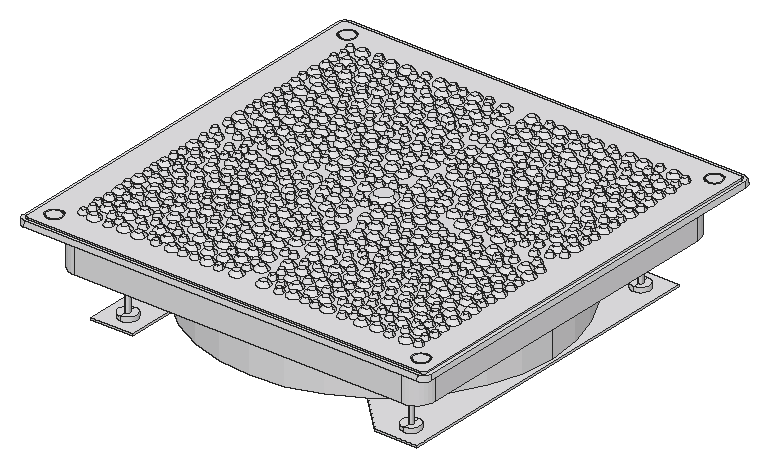
Revit family "Shower-Rainhead-KOHLER-REAL_RAIN-76728GL_1", category Plumbing Fixtures, host Face, Revit 2017 (continued)
Definition of nested family "76728GL"
  Lines and regions (in)
    symbolic lines, detail levels medium+fine
      curve 2453: arc (-8.20235, 8.58895, 0) -> (-8.59606, 8.98266, 0) -> (-8.98976, 8.58895, 0) r 0.3937
      curve 2454: arc (-8.98976, 8.58895, 0) -> (-8.59606, 8.19525, 0) -> (-8.20235, 8.58895, 0) r 0.3937
      curve 2455: arc (-8.26141, 8.58895, 0) -> (-8.59606, 8.25431, 0) -> (-8.9307, 8.58895, 0) r 0.33465
      curve 2456: arc (8.9307, 8.58895, 0) -> (8.59606, 8.9236, 0) -> (8.26141, 8.58895, 0) r 0.33465
      curve 2457: arc (8.20235, 8.58895, 0) -> (8.59606, 8.98266, 0) -> (8.98976, 8.58895, 0) r 0.3937
      curve 2458: arc (8.98976, 8.58895, 0) -> (8.59606, 8.19525, 0) -> (8.20235, 8.58895, 0) r 0.3937
      curve 2459: arc (8.26141, 8.58895, 0) -> (8.59606, 8.25431, 0) -> (8.9307, 8.58895, 0) r 0.33465
      curve 2460: arc (8.9307, -8.58895, 0) -> (8.59606, -8.9236, 0) -> (8.26141, -8.58895, 0) r 0.33465
      curve 2461: arc (8.20235, -8.58895, 0) -> (8.59606, -8.98266, 0) -> (8.98976, -8.58895, 0) r 0.3937
      curve 2462: arc (8.98976, -8.58895, 0) -> (8.59606, -8.19525, 0) -> (8.20235, -8.58895, 0) r 0.3937
      curve 2463: arc (8.26141, -8.58895, 0) -> (8.59606, -8.25431, 0) -> (8.9307, -8.58895, 0) r 0.33465
      curve 2464: arc (-8.9307, -8.58895, 0) -> (-8.59606, -8.9236, 0) -> (-8.26141, -8.58895, 0) r 0.33465
      curve 2465: arc (-8.20235, -8.58895, 0) -> (-8.59606, -8.98266, 0) -> (-8.98976, -8.58895, 0) r 0.3937
      curve 2466: arc (-8.98976, -8.58895, 0) -> (-8.59606, -8.19525, 0) -> (-8.20235, -8.58895, 0) r 0.3937
      curve 2467: arc (-8.26141, -8.58895, 0) -> (-8.59606, -8.25431, 0) -> (-8.9307, -8.58895, 0) r 0.33465
      curve 2468: line (0, -6.81685, 0.28381) -> (0, -6.62401, 0.28381)
      curve 2469: line (0, 6.62401, 0.28381) -> (0, 6.81685, 0.28381)
      curve 2470: line (0, 5.55896, 1.72143) -> (0, 7.88189, 1.72143)
      curve 2471: line (0, -5.55896, 1.72143) -> (0, -7.88189, 1.72143)
  Dimensions and locks (in)
    aligned and locked: plane 2 to level
    aligned and locked: curve 421 to Blend 87
